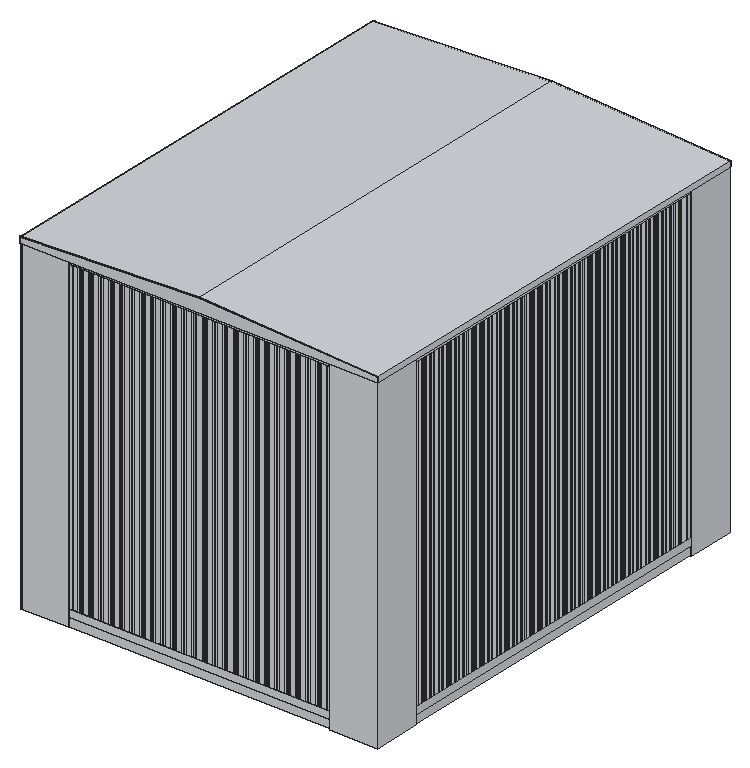
Revit family "PVV-10", category Mechanical Equipment, Revit 2015
Parameters
  URL = "https://unitedenertech.com/catalog/pdf/B_6%20PVV-10.pdf"
  Type Comments = "Louvers will split to Multi Section Assemblies if Max. Sizes are Exceeded. See VV-10 Submittal for Max. Size Listings."
  Model = "PVV-10"
  Manufacturer = "United Enertech Corporation"
  Louver B Width [instance] = B + 0' 3"  # 4' - 3"
  Louver A Width [instance] = A + 0' 3"  # 3' - 3"
  Keynote = "Max. Preassembled Size is 72\"w x 220\"l x 80\"h"
  Height = 4' - 0"
  Description = "High Performance Penthouse 6\""
  B Side O.D. [instance] = B + 1' 3 69/128"  # 5' - 3 69/128"
  B Roof O.D. [instance] = B + 1' 3 101/128"  # 5' - 3 101/128"
  B = 4' - 0"
  A Side O.D. [instance] = A + 1' 3 69/128"  # 4' - 3 69/128"
  A Roof O.D. [instance] = A + 1' 3 101/128"  # 4' - 3 101/128"
  A = 3' - 0"
Reference planes (in)
  plane 1 "Center (Front/Back)": y = 0
  plane 2: z = 0
  plane 3 "Center (Left/Right)": x = 0
  plane 4: y = 24
  plane 5: y = -24
  plane 6: x = -18
  plane 7: x = 18
  plane 8: x = -25.76953
  plane 9: x = 25.76953
  plane 10: y = 31.76953
  plane 11: y = -31.76953
  plane 12: z = 48
Forms (in)
  Extrusion 1, solid
    sketch origin (33.9625, 19.9659, -15.11453) x (1, 0, 0) y (0, 1, 0)
      loop
        line (-59.82203, 4.97273) -> (-59.73203, 4.97273) -> (-59.73203, 11.80363) -> (-52.90113, 11.80363) -> (-52.90113, 11.89363) -> (-59.82203, 11.89363) -> (-59.82203, 4.97273)
    from 15.11453 to 63.11453
  Extrusion 2, solid
    sketch origin (-33.9625, 19.9659, -15.11453) x (-1, 0, 0) y (0, -1, 0)
      loop
        line (-59.82203, -4.97273) -> (-59.82203, -11.89363) -> (-52.90113, -11.89363) -> (-52.90113, -11.80363) -> (-59.73203, -11.80363) -> (-59.73203, -4.97273) -> (-59.82203, -4.97273)
    from 15.11453 to 63.11453
  Extrusion 3, solid
    sketch origin (33.9625, -19.9659, -15.11453) x (1, 0, 0) y (0, 1, 0)
      loop
        line (-59.82203, -4.97273) -> (-59.82203, -11.89363) -> (-52.90113, -11.89363) -> (-52.90113, -11.80363) -> (-59.73203, -11.80363) -> (-59.73203, -4.97273) -> (-59.82203, -4.97273)
    from 15.11453 to 63.11453
  Extrusion 4, solid
    sketch origin (-33.9625, -19.9659, -15.11453) x (-1, 0, 0) y (0, -1, 0)
      loop
        line (-59.82203, 4.97273) -> (-59.73203, 4.97273) -> (-59.73203, 11.80363) -> (-52.90113, 11.80363) -> (-52.90113, 11.89363) -> (-59.82203, 11.89363) -> (-59.82203, 4.97273)
    from 15.11453 to 63.11453
Dimensions and locks (in)
  equal spacing: plane 4, plane 1 "Center (Front/Back)", plane 5
  "B": plane 4 to plane 5
  equal spacing: plane 6, plane 3 "Center (Left/Right)", plane 7
  "A": plane 6 to plane 7
  equal spacing: plane 10, plane 1 "Center (Front/Back)", plane 11
  "B Side O.D.": plane 10 to plane 11
  equal spacing: plane 8, plane 3 "Center (Left/Right)", plane 9
  "A Side O.D.": plane 8 to plane 9
  "Height": plane 12 to level
  aligned and locked: level to plane 2
  aligned and locked: plane 3 "Center (Left/Right)" to nested 2
  aligned and locked: plane 4 to nested 2
  aligned and locked: nested 1 to plane 1 "Center (Front/Back)"
  aligned and locked: plane 6 to nested 1
  aligned and locked: nested 3 to plane 7
  aligned and locked: nested 1 to level
  aligned and locked: level to nested 3
  aligned and locked: nested 2 to level  (x3)
  aligned and locked: level to nested 4
  aligned and locked: plane 5 to nested 4
  aligned and locked: plane 12 to nested 5
  aligned and locked: plane 1 "Center (Front/Back)" to nested 5
  aligned and locked: plane 3 "Center (Left/Right)" to nested 5
  aligned and locked: Extrusion 1 to plane 10
  aligned and locked: Extrusion 1 to plane 8
  aligned and locked: plane 9 to Extrusion 2
  aligned and locked: Extrusion 2 to plane 10
  aligned and locked: plane 9 to Extrusion 4
  aligned and locked: plane 11 to Extrusion 4
  aligned and locked: plane 11 to Extrusion 3
  aligned and locked: Extrusion 3 to plane 8
  aligned and locked: Extrusion 3 to level
  aligned and locked: Extrusion 1 to level
  aligned and locked: Extrusion 4 to level
  aligned and locked: Extrusion 2 to level
  aligned and locked: plane 12 to Extrusion 4
  aligned and locked: plane 12 to Extrusion 2
  aligned and locked: plane 12 to Extrusion 3
  aligned and locked: plane 12 to Extrusion 1
  aligned and locked: nested 6 to plane 1 "Center (Front/Back)"
  aligned and locked: plane 1 "Center (Front/Back)" to nested 8
  aligned and locked: nested 9 to plane 3 "Center (Left/Right)"
  aligned and locked: plane 3 "Center (Left/Right)" to nested 7
  aligned and locked: nested 7 to plane 10
  aligned and locked: nested 6 to plane 8
  aligned and locked: plane 11 to nested 9
  aligned and locked: plane 9 to nested 8
Automatic sketch dimensions
  Extrusion 1 sketch curve to plane 8 = 0' - 0"
  Extrusion 1 sketch curve to plane 10 = 0' - 0"
  plane 8 to Extrusion 1 sketch curve = 0' - 0.09"
  plane 6 to Extrusion 1 sketch curve = 0' - 0.93863"
  plane 4 to Extrusion 1 sketch curve = 0' - 0.93863"
  plane 10 to Extrusion 1 sketch curve = 0' - 0.09"
  Extrusion 2 sketch curve to plane 9 = 0' - 0"
  Extrusion 2 sketch curve to plane 10 = 0' - 0"
  Extrusion 2 sketch curve to plane 9 = 0' - 0.09"
  plane 7 to Extrusion 2 sketch curve = 0' - 0.93863"
  Extrusion 2 sketch curve to Extrusion 2 sketch curve = 0' - 0.09"
  plane 4 to Extrusion 2 sketch curve = 0' - 0.93863"
  Extrusion 3 sketch curve to plane 8 = 0' - 0"
  Extrusion 3 sketch curve to plane 11 = 0' - 0"
  plane 8 to Extrusion 3 sketch curve = 0' - 0.09"
  plane 6 to Extrusion 3 sketch curve = 0' - 0.93863"
  Extrusion 3 sketch curve to Extrusion 3 sketch curve = 0' - 0.09"
  Extrusion 3 sketch curve to plane 5 = 0' - 0.93863"
  Extrusion 4 sketch curve to plane 9 = 0' - 0"
  Extrusion 4 sketch curve to plane 11 = 0' - 0"
  Extrusion 4 sketch curve to plane 9 = 0' - 0.09"
  plane 7 to Extrusion 4 sketch curve = 0' - 0.93863"
  Extrusion 4 sketch curve to plane 5 = 0' - 0.93863"
  Extrusion 4 sketch curve to plane 11 = 0' - 0.09"
Nested families (in)
  nested 1: "Curb Cap Side 2" at (-22.875, 0, -18.1046) x (0, 1, 0) z (0, 0, 1), type "Curb Cap Side 2"
  nested 2: "Curb Cap" at (0, 28.875, -18.1046), type "Curb Cap"
  nested 3: "Curb Cap Side 2" at (22.875, 0, -18.1046) x (0, 1, 0) z (0, 0, 1), type "Curb Cap Side 2"
  nested 4: "Curb Cap" at (0, -28.875, -18.1046), type "Curb Cap"
  nested 5: "Roof" at (0, 0, 47.5), type "Roof"
  nested 6: "VV-10" at (-19.68853, 0, 0) x (0, 1, 0) z (0, 0, 1), type "VV-10"
    with Jamb Height 3' - 11 3/4", Blade Number 33, BH 3' - 10 7/8"
  nested 7: "VV-10 2" at (0, 25.68853, 0), type "VV-10 2"
    with Jamb Height 3' - 11 3/4", Blade Number 25, BH 3' - 10 7/8"
  nested 8: "VV-10" at (19.68853, 0, 0) x (0, -1, 0) z (0, 0, 1), type "VV-10"
    with Jamb Height 3' - 11 3/4", Blade Number 33, BH 3' - 10 7/8"
  nested 9: "VV-10 2" at (0, -25.68853, 0) x (-1, 0, 0) z (0, 0, 1), type "VV-10 2"
    with Jamb Height 3' - 11 3/4", Blade Number 25, BH 3' - 10 7/8"
Definition of nested family "Curb Cap Side 2"
  Parameters (values of type "Curb Cap Side 2")
    Width = 5' - 0"
    C = 1' - 6"
  Reference planes (in)
    plane 1 "Center (Front/Back)": y = 0
    plane 2: z = 0
    plane 3 "Center (Left/Right)": x = 0
    plane 4: x = -30
    plane 5: x = 30
    plane 6: x = 33
    plane 7: x = -33
  Forms (in)
    Extrusion 1, solid
      sketch origin (0, -0.3745, -0.23056) x (0, 1, 0) y (0, 0, 1)
        loop
          line (-4.5005, 18.44062) -> (-4.5005, 21.44062) -> (-4.6051, 21.44062) -> (-4.6051, 18.33516) -> (-2.35597, 18.33516) -> (-2.35597, 16.33516) -> (-2.2505, 16.33516) -> (-2.2505, 18.44062) -> (-4.5005, 18.44062)
      from -33 to 33
    Extrusion 2, void
      sketch origin (0, -4.875, 0) x (1, 0, 0) y (0, 1, 0)
        loop
          line (-33, 3) -> (-33, -10.08148) -> (-19.91852, -10.08148) -> (-33, 3)
      from 0 to 87.42667
    Extrusion 3, void
      sketch origin (0, -4.875, 0) x (-1, 0, 0) y (0, -1, 0)
        loop
          line (-33, -3) -> (-19.91852, 10.08148) -> (-33, 10.08148) -> (-33, -3)
      from 0 to 87.42667
  Cuts and joins
    Extrusion 2, Extrusion 3 cuts Extrusion 1
  Dimensions and locks (in)
    equal spacing: plane 4, plane 3 "Center (Left/Right)", plane 5
    "Width": plane 4 to plane 5
    locked: plane 5 to plane 6 at 3
    locked: plane 7 to plane 4 at 3
    angle Extrusion 2 sketch curve to Extrusion 2 sketch curve = 45.00°
    angle Extrusion 3 sketch curve to Extrusion 3 sketch curve = 45.00°
    aligned and locked: level to plane 2
    aligned and locked: plane 7 to Extrusion 2 sketch curve
    aligned and locked: Extrusion 3 sketch curve to plane 6
    aligned and locked: cut or joined group of Extrusion 1, Extrusion 2, Extrusion 3 to plane 7
    aligned and locked: cut or joined group of Extrusion 1, Extrusion 2, Extrusion 3 to plane 6
  Automatic sketch dimensions
    plane 4 to Extrusion 2 sketch curve = 0' - 10.08148"
    plane 1 "Center (Front/Back)" to Extrusion 2 sketch curve = 1' - 2.95648"
    plane 5 to Extrusion 3 sketch curve = 0' - 10.08148"
    Extrusion 3 sketch curve to plane 1 "Center (Front/Back)" = 1' - 2.95648"
    plane 1 "Center (Front/Back)" to Extrusion 1 sketch curve = 0' - 4.9796"
    Extrusion 1 sketch curve to Extrusion 1 sketch curve = 0' - 0.1046"
    Extrusion 1 sketch curve to Extrusion 1 sketch curve = 0' - 2 37/256"
    Extrusion 1 sketch curve to Extrusion 1 sketch curve = 0' - 0 27/256"  (x2)
    level to Extrusion 1 sketch curve = 1' - 6.1046"
    Extrusion 1 sketch curve to Extrusion 1 sketch curve = 0' - 3"
    Extrusion 1 sketch curve to Extrusion 1 sketch curve = 0' - 2"
Definition of nested family "Curb Cap"
  Parameters (values of type "Curb Cap")
    Width = 3' - 0"
    C = 1' - 6"
  Reference planes (in)
    plane 1 "Center (Front/Back)": y = 0
    plane 2: z = 0
    plane 3 "Center (Left/Right)": x = 0
    plane 4: x = -18
    plane 5: x = 18
    plane 6: x = 21
    plane 7: x = -21
  Forms (in)
    Extrusion 1, solid
      sketch origin (0, -0.3745, -0.23056) x (0, 1, 0) y (0, 0, 1)
        loop
          line (-4.5005, 18.44062) -> (-4.5005, 21.44062) -> (-4.6051, 21.44062) -> (-4.6051, 18.33516) -> (-2.35597, 18.33516) -> (-2.35597, 16.33516) -> (-2.2505, 16.33516) -> (-2.2505, 18.44062) -> (-4.5005, 18.44062)
      from -21 to 21
    Extrusion 2, void
      sketch origin (0, -4.875, 0) x (1, 0, 0) y (0, 1, 0)
        loop
          line (-21, 3) -> (-21, -10.08148) -> (-7.91852, -10.08148) -> (-21, 3)
      from 0 to 87.42667
    Extrusion 3, void
      sketch origin (0, -4.875, 0) x (-1, 0, 0) y (0, -1, 0)
        loop
          line (-21, -3) -> (-7.91852, 10.08148) -> (-21, 10.08148) -> (-21, -3)
      from 0 to 87.42667
  Cuts and joins
    Extrusion 2, Extrusion 3 cuts Extrusion 1
  Dimensions and locks (in)
    equal spacing: plane 4, plane 3 "Center (Left/Right)", plane 5
    "Width": plane 4 to plane 5
    locked: plane 5 to plane 6 at 3
    locked: plane 7 to plane 4 at 3
    angle Extrusion 2 sketch curve to Extrusion 2 sketch curve = 45.00°
    angle Extrusion 3 sketch curve to Extrusion 3 sketch curve = 45.00°
    aligned and locked: level to plane 2
    aligned and locked: plane 7 to Extrusion 2 sketch curve
    aligned and locked: Extrusion 3 sketch curve to plane 6
    aligned and locked: cut or joined group of Extrusion 1, Extrusion 2, Extrusion 3 to plane 7
    aligned and locked: cut or joined group of Extrusion 1, Extrusion 2, Extrusion 3 to plane 6
  Automatic sketch dimensions
    plane 4 to Extrusion 2 sketch curve = 0' - 10.08148"
    plane 1 "Center (Front/Back)" to Extrusion 2 sketch curve = 1' - 2.95648"
    plane 5 to Extrusion 3 sketch curve = 0' - 10.08148"
    Extrusion 3 sketch curve to plane 1 "Center (Front/Back)" = 1' - 2.95648"
    plane 1 "Center (Front/Back)" to Extrusion 1 sketch curve = 0' - 4.9796"
    Extrusion 1 sketch curve to Extrusion 1 sketch curve = 0' - 0.1046"
    Extrusion 1 sketch curve to Extrusion 1 sketch curve = 0' - 2 37/256"
    Extrusion 1 sketch curve to Extrusion 1 sketch curve = 0' - 0 27/256"  (x2)
    level to Extrusion 1 sketch curve = 1' - 6.1046"
    Extrusion 1 sketch curve to Extrusion 1 sketch curve = 0' - 3"
    Extrusion 1 sketch curve to Extrusion 1 sketch curve = 0' - 2"
Definition of nested family "Roof"
  Parameters (values of type "Roof")
    B = 6' - 3 101/128"
    A = 4' - 3 101/128"
  Reference planes (in)
    plane 1 "Center (Front/Back)": y = 0
    plane 2: z = 0
    plane 3 "Center (Left/Right)": x = 0
    plane 4: x = -25.89453
    plane 5: x = 25.89453
    plane 6: y = -37.89453
    plane 7: y = 37.89453
    plane 8: z = 0.5
    plane 9: z = 2
    plane 10: y = -37.94453
    plane 11: y = 37.94453
    plane 12: x = -25.94453
    plane 13: x = 25.94453
  Forms (in)
    Extrusion 1, solid
      sketch origin (0, 0, 0) x (-1, 0, 0) y (0, 0, -1)
        loop
          line (25.89453, 0) -> (25.89453, -0.75115) -> (0, -1.94916) -> (-25.89453, -0.75115) -> (-25.89453, 0) -> (-25.94531, 0) -> (-25.94531, -0.79946) -> (0, -2) -> (25.94531, -0.79946) -> (25.94531, 0) -> (25.89453, 0)
      from -37.94453 to 37.94453
    Extrusion 2, solid
      sketch origin (0, 0, 0) x (1, 0, 0) y (0, 0, 1)
        loop
          line (25.89453, 0) -> (25.94531, 0) -> (25.94531, 0.79946) -> (0, 2) -> (-25.94531, 0.79946) -> (-25.94531, 0) -> (-25.89453, 0) -> (25.89453, 0)
      from -37.94453 to -37.89453
    Extrusion 3, solid
      sketch origin (0, 0, 0) x (1, 0, 0) y (0, 0, -1)
        loop
          line (25.89453, 0) -> (-25.89453, 0) -> (-25.94531, 0) -> (-25.94531, -0.79946) -> (0, -2) -> (25.94531, -0.79946) -> (25.94531, 0) -> (25.89453, 0)
      from -37.89453 to -37.94453
  Dimensions and locks (in)
    equal spacing: plane 4, plane 3 "Center (Left/Right)", plane 5
    "A": plane 4 to plane 5
    equal spacing: plane 7, plane 1 "Center (Front/Back)", plane 6
    "B": plane 7 to plane 6
    locked: plane 8 to level at 0.5
    locked: plane 9 to plane 8 at 1.5
    locked: plane 10 to plane 6 at 0.05
    locked: plane 11 to plane 7 at 0.05
    locked: plane 12 to plane 4 at 0.05
    locked: plane 5 to plane 13 at 0.05
    aligned and locked: level to plane 2
    aligned and locked: plane 10 to Extrusion 1
    aligned and locked: plane 11 to Extrusion 1
    aligned and locked: plane 11 to Extrusion 2
    aligned and locked: Extrusion 2 to plane 7
    aligned and locked: plane 10 to Extrusion 3
    aligned and locked: plane 6 to Extrusion 3
  Automatic sketch dimensions
    Extrusion 1 sketch curve to level = 0' - 0"  (x2)
    Extrusion 1 sketch curve to plane 5 = 0' - 0"
    Extrusion 1 sketch curve to plane 3 "Center (Left/Right)" = 0' - 0"  (x2)
    Extrusion 1 sketch curve to plane 4 = 0' - 0"
    Extrusion 1 sketch curve to plane 9 = 0' - 0"
    Extrusion 1 sketch curve to plane 13 = 0' - 0.00078"
    Extrusion 1 sketch curve to plane 12 = 0' - 0.00078"
    Extrusion 1 sketch curve to Extrusion 1 sketch curve = 0' - 0.05084"
    plane 8 to Extrusion 1 sketch curve = 0' - 0.29946"  (x2)
    Extrusion 1 sketch curve to Extrusion 1 sketch curve = 0' - 0.04831"  (x2)
    Extrusion 2 sketch curve to level = 0' - 0"
    Extrusion 2 sketch curve to plane 4 = 0' - 0"
    Extrusion 2 sketch curve to plane 3 "Center (Left/Right)" = 0' - 0"
    Extrusion 2 sketch curve to plane 5 = 0' - 0"
    Extrusion 2 sketch curve to plane 9 = 0' - 0"
    Extrusion 2 sketch curve to plane 12 = 0' - 0.00078"
    Extrusion 2 sketch curve to plane 13 = 0' - 0.00078"
    plane 8 to Extrusion 2 sketch curve = 0' - 0.29946"  (x2)
    Extrusion 3 sketch curve to level = 0' - 0"
    Extrusion 3 sketch curve to plane 4 = 0' - 0"
    Extrusion 3 sketch curve to plane 3 "Center (Left/Right)" = 0' - 0"
    Extrusion 3 sketch curve to plane 5 = 0' - 0"
    Extrusion 3 sketch curve to plane 9 = 0' - 0"
    Extrusion 3 sketch curve to plane 12 = 0' - 0.00078"
    Extrusion 3 sketch curve to plane 13 = 0' - 0.00078"
    plane 8 to Extrusion 3 sketch curve = 0' - 0.29946"  (x2)
Definition of nested family "VV-10"
  Parameters (values of type "VV-10")
    URL = "http://unitedenertech.com/catalog/pdf/A_20%20VV-10.pdf"
    Type Comments = "Max. Single Section Size is (60\"w x 96\"h)"
    Model = "VV-10"
    Manufacturer = "United Enertech Corporation"
    Jamb Height [instance] = Exact Height - 0' 0 1/4"  # 2' - 11 3/4"
    Exact Width = 4' - 0"
    Exact Height = 3' - 0"
    Description = "6\" Wind Driven Rain Fixed Louver"
    Depth = 0' - 6.081"
    Blade Spacing = 0' - 1 1/2"
    Blade Number [instance] = rounddown((Exact Width - 0' 0 1/4") / 0' 1 1/2")  # 31
    BH [instance] = Exact Height - 0' 1 1/8"  # 2' - 10 7/8"
  Reference planes (in)
    plane 1 "Center (Front/Back)": y = 0
    plane 2: z = 0
    plane 3 "Center (Left/Right)": x = 0
    plane 4: x = -24
    plane 5: x = 24
    plane 6: z = 36
    plane 7: x = -23.875
    plane 8: x = 23.875
    plane 9: z = 35.875
    plane 10: z = 1
    plane 11: y = 6.081
  Forms (in)
    Extrusion 1, solid
      sketch origin (-38.15621, -39.76281, 63.34755) x (0, -1, 0) y (0, 0, -1)
        loop
          line (-45.68181, 28.34755) -> (-45.76281, 28.34755) -> (-45.76281, 27.34755) -> (-44.76281, 27.34755) -> (-44.73106, 27.28505) -> (-44.54456, 27.28505) -> (-44.51281, 27.34755) -> (-41.01281, 27.34755) -> (-40.98106, 27.28505) -> (-40.79456, 27.28505) -> (-40.76281, 27.34755) -> (-39.76281, 27.34755) -> (-39.76281, 28.34755) -> (-39.84381, 28.34755) -> (-39.84381, 27.47255) -> (-45.68181, 27.47255) -> (-45.68181, 28.34755)
      from 14.28121 to 62.03121
    Extrusion 2, solid
      sketch origin (-45.5627, -48.5222, -21.06226) x (0, -1, 0) y (0, 0, 1)
        loop
          line (-54.5222, 23.31226) -> (-54.6032, 23.31226) -> (-54.6032, 22.31226) -> (-54.5222, 22.31226) -> (-54.5222, 21.06226) -> (-53.5222, 21.06226) -> (-53.49045, 20.99976) -> (-53.3972, 20.99976) -> (-53.30395, 20.99976) -> (-53.2722, 21.06226) -> (-49.7722, 21.06226) -> (-49.74045, 20.99976) -> (-49.6472, 20.99976) -> (-49.55395, 20.99976) -> (-49.5222, 21.06226) -> (-48.5222, 21.06226) -> (-48.5222, 22.93726) -> (-48.6032, 22.93726) -> (-48.6032, 22.06226) -> (-49.2282, 22.06226) -> (-49.2282, 21.98126) -> (-48.6032, 21.98126) -> (-48.6032, 21.18726) -> (-54.4412, 21.18726) -> (-54.4412, 21.98126) -> (-53.8162, 21.98126) -> (-53.8162, 22.06226) -> (-54.4412, 22.06226) -> (-54.4412, 22.31226) -> (-54.4412, 22.39326) -> (-54.5222, 22.39326) -> (-54.5222, 23.31226)
      from -69.4377 to -21.6877
  Dimensions and locks (in)
    equal spacing: plane 4, plane 3 "Center (Left/Right)", plane 5
    "Exact Width": plane 4 to plane 5
    "Exact Height": plane 6 to level
    locked: plane 4 to plane 7 at 0.125
    locked: plane 8 to plane 5 at 0.125
    locked: plane 6 to plane 9 at 0.125
    locked: plane 10 to level at 1
    "Depth": plane 1 "Center (Front/Back)" to plane 11
    equal spacing: group 1, group 2, group 3, group 4, group 5, group 6, group 7, group 8, group 9, group 10, group 11, group 12, group 13, group 14, group 15, group 16, group 17, group 18, group 19, group 20, group 21, group 22, group 23, group 24, group 25, group 26, group 27, group 28, group 29, group 30, group 31  (x3)
    "Blade Spacing": nested 3 to nested 4
    aligned and locked: level to plane 2
    aligned and locked: plane 5 to nested 1
    aligned and locked: nested 2 to plane 4
    aligned and locked: plane 9 to nested 1
    aligned and locked: nested 2 to plane 9
    aligned and locked: plane 6 to Extrusion 1
    aligned and locked: plane 8 to Extrusion 1
    aligned and locked: Extrusion 1 to plane 7
    aligned and locked: plane 8 to Extrusion 2
    aligned and locked: Extrusion 2 to plane 7
    aligned and locked: plane 7 to nested 3
    aligned and locked: plane 10 to nested 3
  Automatic sketch dimensions
    Extrusion 1 sketch curve to plane 1 "Center (Front/Back)" = 0' - 6"
    Extrusion 1 sketch curve to Extrusion 1 sketch curve = 0' - 0.081"  (x2)
    Extrusion 1 sketch curve to Extrusion 1 sketch curve = 0' - 0.919"  (x2)
    Extrusion 1 sketch curve to Extrusion 1 sketch curve = 0' - 0.03175"  (x4)
    Extrusion 1 sketch curve to Extrusion 1 sketch curve = 0' - 0.1865"  (x2)
    Extrusion 1 sketch curve to Extrusion 1 sketch curve = 0' - 3 1/2"
    level to Extrusion 1 sketch curve = 3' - 0 1/16"
    Extrusion 1 sketch curve to Extrusion 1 sketch curve = 0' - 0"
    Extrusion 1 sketch curve to Extrusion 1 sketch curve = 0' - 0 1/16"  (x3)
    Extrusion 1 sketch curve to Extrusion 1 sketch curve = 0' - 0 1/8"
    Extrusion 1 sketch curve to Extrusion 1 sketch curve = 0' - 0 7/8"  (x2)
    level to Extrusion 2 sketch curve = 0' - 2 1/4"
    Extrusion 2 sketch curve to plane 1 "Center (Front/Back)" = 0' - 6.081"
    Extrusion 2 sketch curve to Extrusion 2 sketch curve = 0' - 0.081"  (x7)
    Extrusion 2 sketch curve to Extrusion 2 sketch curve = 0' - 0"  (x3)
    Extrusion 2 sketch curve to Extrusion 2 sketch curve = 0' - 0 5/8"  (x2)
    Extrusion 2 sketch curve to Extrusion 2 sketch curve = 0' - 0.919"
    Extrusion 2 sketch curve to level = 0' - 0 1/16"  (x2)
    Extrusion 2 sketch curve to Extrusion 2 sketch curve = 0' - 0.03175"  (x4)
    Extrusion 2 sketch curve to Extrusion 2 sketch curve = 0' - 0.09325"  (x4)
    level to Extrusion 2 sketch curve = 0' - 0"  (x2)
    Extrusion 2 sketch curve to Extrusion 2 sketch curve = 0' - 3 1/2"
    Extrusion 2 sketch curve to Extrusion 2 sketch curve = 0' - 0.294"
    Extrusion 2 sketch curve to Extrusion 2 sketch curve = 0' - 0 1/16"
    Extrusion 2 sketch curve to Extrusion 2 sketch curve = 0' - 0 1/8"
    Extrusion 2 sketch curve to Extrusion 2 sketch curve = 0' - 0.794"  (x2)
    Extrusion 2 sketch curve to Extrusion 2 sketch curve = 0' - 0 1/4"
    Extrusion 2 sketch curve to Extrusion 2 sketch curve = 0' - 0 7/8"
  Nested families (in)
    nested 1: "VV Jamb" at (26.26202, -3.75865, 18) x (0, 1, 0) z (0, 0, 1), type "VV Jamb"
    nested 2: "VV Jamb" at (-26.26202, -3.75865, 18) x (0, 1, 0) z (0, 0, 1), type "VV Jamb"
    nested 3: "VV Blade" at (-22.89999, 3.19796, 1) x (0, -1, 0) z (0, 0, 1), type "VV Blade"
    nested 4: "VV Blade" at (-21.39999, 3.19796, 1) x (0, -1, 0) z (0, 0, 1), type "VV Blade"
    nested 5: "VV Blade" at (-19.89999, 3.19796, 1) x (0, -1, 0) z (0, 0, 1), type "VV Blade"
    nested 6: "VV Blade" at (-18.39999, 3.19796, 1) x (0, -1, 0) z (0, 0, 1), type "VV Blade"
    nested 7: "VV Blade" at (-16.89999, 3.19796, 1) x (0, -1, 0) z (0, 0, 1), type "VV Blade"
    nested 8: "VV Blade" at (-15.39999, 3.19796, 1) x (0, -1, 0) z (0, 0, 1), type "VV Blade"
    nested 9: "VV Blade" at (-13.89999, 3.19796, 1) x (0, -1, 0) z (0, 0, 1), type "VV Blade"
    nested 10: "VV Blade" at (-12.39999, 3.19796, 1) x (0, -1, 0) z (0, 0, 1), type "VV Blade"
    nested 11: "VV Blade" at (-10.89999, 3.19796, 1) x (0, -1, 0) z (0, 0, 1), type "VV Blade"
    nested 12: "VV Blade" at (-9.39999, 3.19796, 1) x (0, -1, 0) z (0, 0, 1), type "VV Blade"
    nested 13: "VV Blade" at (-7.89999, 3.19796, 1) x (0, -1, 0) z (0, 0, 1), type "VV Blade"
    nested 14: "VV Blade" at (-6.39999, 3.19796, 1) x (0, -1, 0) z (0, 0, 1), type "VV Blade"
    nested 15: "VV Blade" at (-4.89999, 3.19796, 1) x (0, -1, 0) z (0, 0, 1), type "VV Blade"
    nested 16: "VV Blade" at (-3.39999, 3.19796, 1) x (0, -1, 0) z (0, 0, 1), type "VV Blade"
    nested 17: "VV Blade" at (-1.89999, 3.19796, 1) x (0, -1, 0) z (0, 0, 1), type "VV Blade"
    nested 18: "VV Blade" at (-0.39999, 3.19796, 1) x (0, -1, 0) z (0, 0, 1), type "VV Blade"
    nested 19: "VV Blade" at (1.10001, 3.19796, 1) x (0, -1, 0) z (0, 0, 1), type "VV Blade"
    nested 20: "VV Blade" at (2.60001, 3.19796, 1) x (0, -1, 0) z (0, 0, 1), type "VV Blade"
    nested 21: "VV Blade" at (4.10001, 3.19796, 1) x (0, -1, 0) z (0, 0, 1), type "VV Blade"
    nested 22: "VV Blade" at (5.60001, 3.19796, 1) x (0, -1, 0) z (0, 0, 1), type "VV Blade"
    nested 23: "VV Blade" at (7.10001, 3.19796, 1) x (0, -1, 0) z (0, 0, 1), type "VV Blade"
    nested 24: "VV Blade" at (8.60001, 3.19796, 1) x (0, -1, 0) z (0, 0, 1), type "VV Blade"
    nested 25: "VV Blade" at (10.10001, 3.19796, 1) x (0, -1, 0) z (0, 0, 1), type "VV Blade"
    nested 26: "VV Blade" at (11.60001, 3.19796, 1) x (0, -1, 0) z (0, 0, 1), type "VV Blade"
    nested 27: "VV Blade" at (13.10001, 3.19796, 1) x (0, -1, 0) z (0, 0, 1), type "VV Blade"
    nested 28: "VV Blade" at (14.60001, 3.19796, 1) x (0, -1, 0) z (0, 0, 1), type "VV Blade"
    nested 29: "VV Blade" at (16.10001, 3.19796, 1) x (0, -1, 0) z (0, 0, 1), type "VV Blade"
    nested 30: "VV Blade" at (17.60001, 3.19796, 1) x (0, -1, 0) z (0, 0, 1), type "VV Blade"
    nested 31: "VV Blade" at (19.10001, 3.19796, 1) x (0, -1, 0) z (0, 0, 1), type "VV Blade"
    nested 32: "VV Blade" at (20.60001, 3.19796, 1) x (0, -1, 0) z (0, 0, 1), type "VV Blade"
    nested 33: "VV Blade" at (22.10001, 3.19796, 1) x (0, -1, 0) z (0, 0, 1), type "VV Blade"
  Definition of nested family "VV Jamb"
    Parameters (values of type "VV Jamb")
      Jamb Height = 2' - 6"
    Reference planes (in)
      plane 1 "Center (Front/Back)": y = 0
      plane 2: z = 0
      plane 3 "Center (Left/Right)": x = 0
      plane 4: z = -15
      plane 5: z = 15
    Forms (in)
      Extrusion 1, solid
        sketch origin (0, 1, 0) x (1, 0, 0) y (0, 1, 0)
          loop
            line (4.7904, 1.19952) -> (4.9769, 1.19952) -> (5.00865, 1.26202) -> (8.50865, 1.26202) -> (8.5404, 1.19952) -> (8.7269, 1.19952) -> (8.75865, 1.26202) -> (9.75865, 1.26202) -> (9.75865, 2.26202) -> (9.67765, 2.26202) -> (9.67765, 1.38702) -> (3.83965, 1.38702) -> (3.83965, 2.26202) -> (3.75865, 2.26202) -> (3.75865, 1.26202) -> (4.75865, 1.26202) -> (4.7904, 1.19952)
        from -15 to 15
      Extrusion 2, void
        sketch origin (0, -2.64424, 1.75036) x (0, 1, 0) y (0, 0, 1)
          loop
            line (7.28126, 13.24964) -> (5.03126, 13.24964) -> (5.03126, 12.37464) -> (7.28126, 12.37464) -> (7.28126, 13.24964)
        from 0 to 12
      Extrusion 3, void
        sketch origin (0, -9.14984, -3.60361) x (0, 1, 0) y (0, 0, 1)
          loop
            line (15.03686, -10.52139) -> (11.53686, -10.52139) -> (11.53686, -11.39639) -> (15.03686, -11.39639) -> (15.03686, -10.52139)
        from 0 to 12
      Extrusion 4, void
        sketch origin (0, -2.9931, 2.18503) x (0, 1, 0) y (0, 0, 1)
          loop
            line (5.38012, -16.31003) -> (7.38012, -16.31003) -> (7.38012, -15.43503) -> (5.38012, -15.43503) -> (5.38012, -16.31003)
        from 0 to 5.32374
      Extrusion 5, void
        sketch origin (0, -3.99312, -0.40854) x (0, 1, 0) y (0, 0, 1)
          loop
            line (6.38014, -13.71646) -> (8.13014, -13.71646) -> (8.13014, -13.38446) -> (6.38014, -13.38446) -> (6.38014, -13.71646)
        from 7.76109 to 12.89316
    Cuts and joins
      Extrusion 2, Extrusion 3, Extrusion 4, Extrusion 5 cuts Extrusion 1
    Dimensions and locks (in)
      equal spacing: plane 5, level, plane 4
      "Jamb Height": plane 5 to plane 4
      aligned and locked: level to plane 2
      aligned and locked: plane 5 to Extrusion 1
      aligned and locked: plane 5 to Extrusion 2
      aligned and locked: Extrusion 1 to plane 4
      aligned and locked: Extrusion 3 to plane 4
    Automatic sketch dimensions
      plane 3 "Center (Left/Right)" to Extrusion 1 sketch curve = 0' - 3.75865"
      Extrusion 1 sketch curve to Extrusion 1 sketch curve = 0' - 0.081"  (x2)
      Extrusion 1 sketch curve to plane 1 "Center (Front/Back)" = 0' - 2.26202"  (x2)
      Extrusion 1 sketch curve to Extrusion 1 sketch curve = 0' - 0.919"  (x2)
      Extrusion 1 sketch curve to Extrusion 1 sketch curve = 0' - 0.03175"  (x4)
      Extrusion 1 sketch curve to plane 1 "Center (Front/Back)" = 0' - 2.19952"
      Extrusion 1 sketch curve to Extrusion 1 sketch curve = 0' - 0.1865"  (x2)
      Extrusion 1 sketch curve to Extrusion 1 sketch curve = 0' - 3 1/2"
      Extrusion 1 sketch curve to Extrusion 1 sketch curve = 0' - 0 1/16"  (x2)
      Extrusion 1 sketch curve to Extrusion 1 sketch curve = 0' - 0 1/8"
      Extrusion 1 sketch curve to Extrusion 1 sketch curve = 0' - 0 7/8"  (x2)
      Extrusion 2 sketch curve to plane 5 = 0' - 0"
      Extrusion 2 sketch curve to plane 1 "Center (Front/Back)" = 0' - 2.38702"
      Extrusion 2 sketch curve to Extrusion 2 sketch curve = 0' - 0 7/8"
      Extrusion 2 sketch curve to Extrusion 2 sketch curve = 0' - 2 1/4"
      plane 4 to Extrusion 3 sketch curve = 0' - 0 7/8"
      Extrusion 3 sketch curve to plane 1 "Center (Front/Back)" = 0' - 2.38702"
      Extrusion 3 sketch curve to Extrusion 3 sketch curve = 0' - 0 7/8"
      Extrusion 3 sketch curve to Extrusion 3 sketch curve = 0' - 3 1/2"
      plane 4 to Extrusion 4 sketch curve = 0' - 1 3/4"
      Extrusion 4 sketch curve to plane 1 "Center (Front/Back)" = 0' - 2.38702"
      Extrusion 4 sketch curve to Extrusion 4 sketch curve = 0' - 2"
      Extrusion 4 sketch curve to Extrusion 4 sketch curve = 0' - 0 7/8"
      plane 4 to Extrusion 5 sketch curve = 0' - 1.207"
      Extrusion 5 sketch curve to plane 1 "Center (Front/Back)" = 0' - 2.38702"
      Extrusion 5 sketch curve to Extrusion 5 sketch curve = 0' - 1 3/4"
      Extrusion 5 sketch curve to Extrusion 5 sketch curve = 0' - 0.332"
  Definition of nested family "VV Blade"
    Parameters (values of type "VV Blade")
      Blade Height = 2' - 0"
    Reference planes (in)
      plane 1 "Center (Front/Back)": y = 0
      plane 2: z = 0
      plane 3 "Center (Left/Right)": x = 0
      plane 4: z = 24
    Forms (in)
      Extrusion 1, solid
        sketch origin (-2, 2.75, 0) x (1, 0, 0) y (0, 1, 0)
          loop
            line (-0.6658, -3.71552) -> (-0.6444, -3.79539) -> (-0.38818, -3.7066) -> (-0.15541, -3.61583) -> (0.22682, -3.61583) -> (0.22682, -3.55432) -> (-0.01172, -3.55432) -> (0.36959, -3.37987) -> (0.73032, -3.18489) -> (1.07247, -2.96961) -> (1.15262, -2.96961) -> (1.24112, -2.90338) -> (1.35506, -2.8152) -> (1.46963, -2.72429) -> (1.57961, -2.62786) -> (1.68394, -2.54303) -> (1.80931, -2.48058) -> (1.94445, -2.43151) -> (2.08348, -2.39747) -> (2.22543, -2.37911) -> (2.36855, -2.37664) -> (2.51105, -2.39011) -> (2.65117, -2.41933) -> (2.78717, -2.46396) -> (2.91765, -2.52359) -> (3.06104, -2.62981) -> (3.09361, -2.59128) -> (3.26259, -2.74267) -> (3.46746, -2.94333) -> (3.66339, -3.15537) -> (3.88686, -3.39241) -> (4.06355, -3.51843) -> (4.25193, -3.60929) -> (4.46051, -3.66912) -> (4.6796, -3.69177) -> (5.07173, -3.69177) -> (5.07173, -3.60941) -> (4.8953, -3.60941) -> (4.63979, -3.60941) -> (4.47846, -3.59009) -> (4.29004, -3.53711) -> (4.10027, -3.44603) -> (3.93817, -3.32971) -> (3.69867, -3.073) -> (3.44655, -2.80711) -> (3.24961, -2.62085) -> (3.0599, -2.4568) -> (2.86171, -2.35223) -> (2.63488, -2.27984) -> (2.43421, -2.24888) -> (2.2246, -2.24888) -> (2.01729, -2.27671) -> (1.82141, -2.33449) -> (1.85165, -2.20983) -> (1.90896, -2.09762) -> (1.97967, -2.01201) -> (2.08706, -1.92977) -> (2.2019, -1.87937) -> (2.32604, -1.85656) -> (2.45233, -1.863) -> (2.57227, -1.8978) -> (2.71457, -1.97996) -> (2.75779, -1.90511) -> (2.67741, -1.86001) -> (2.60066, -1.8219) -> (2.46948, -1.78377) -> (2.38874, -1.77499) -> (2.33982, -1.77499) -> (2.24064, -1.78622) -> (2.10665, -1.82877) -> (1.98876, -1.89779) -> (1.89779, -1.98044) -> (1.81281, -2.10024) -> (1.76453, -2.21447) -> (1.72519, -2.31456) -> (1.60698, -2.42696) -> (1.41917, -2.59322) -> (1.1258, -2.82607) -> (0.75843, -3.07765) -> (0.43345, -3.26801) -> (0.16837, -3.40331) -> (-0.06927, -3.51057) -> (0.09272, -3.23752) -> (0.03902, -3.20651) -> (0.00347, -3.26388) -> (-0.15541, -3.52805) -> (-0.6658, -3.71552)
        from 0 to 24
    Dimensions and locks (in)
      "Blade Height": plane 4 to level
      aligned and locked: level to plane 2
      aligned and locked: plane 4 to Extrusion 1
    Automatic sketch dimensions
      plane 1 "Center (Front/Back)" to Extrusion 1 sketch curve = 0' - 0.96552"
      Extrusion 1 sketch curve to plane 3 "Center (Left/Right)" = 0' - 2.6658"
      plane 1 "Center (Front/Back)" to Extrusion 1 sketch curve = 0' - 1.04539"
      Extrusion 1 sketch curve to Extrusion 1 sketch curve = 0' - 0.0214"
      plane 1 "Center (Front/Back)" to Extrusion 1 sketch curve = 0' - 0.9566"
      Extrusion 1 sketch curve to Extrusion 1 sketch curve = 0' - 0.25622"
      plane 1 "Center (Front/Back)" to Extrusion 1 sketch curve = 0' - 0.77805"
      Extrusion 1 sketch curve to Extrusion 1 sketch curve = 0' - 0.23278"
      plane 1 "Center (Front/Back)" to Extrusion 1 sketch curve = 0' - 0.86583"
      Extrusion 1 sketch curve to Extrusion 1 sketch curve = 0' - 0"
      plane 1 "Center (Front/Back)" to Extrusion 1 sketch curve = 0' - 0.76057"
      Extrusion 1 sketch curve to Extrusion 1 sketch curve = 0' - 0.08614"
      plane 1 "Center (Front/Back)" to Extrusion 1 sketch curve = 0' - 0.80432"
      Extrusion 1 sketch curve to Extrusion 1 sketch curve = 0' - 0.05755"
      plane 1 "Center (Front/Back)" to Extrusion 1 sketch curve = 0' - 0.51388"
      Extrusion 1 sketch curve to Extrusion 1 sketch curve = 0' - 0.07274"
      plane 1 "Center (Front/Back)" to Extrusion 1 sketch curve = 0' - 0.45651"
      Extrusion 1 sketch curve to Extrusion 1 sketch curve = 0' - 0.03555"
      plane 1 "Center (Front/Back)" to Extrusion 1 sketch curve = 0' - 0.48752"
      Extrusion 1 sketch curve to Extrusion 1 sketch curve = 0' - 0.0537"
      plane 1 "Center (Front/Back)" to Extrusion 1 sketch curve = 0' - 0.65331"
      Extrusion 1 sketch curve to Extrusion 1 sketch curve = 0' - 0.07565"
      Extrusion 1 sketch curve to Extrusion 1 sketch curve = 0' - 0.05845"
      plane 1 "Center (Front/Back)" to Extrusion 1 sketch curve = 0' - 0.62987"
      Extrusion 1 sketch curve to Extrusion 1 sketch curve = 0' - 0.20122"
      plane 1 "Center (Front/Back)" to Extrusion 1 sketch curve = 0' - 0.51801"
      Extrusion 1 sketch curve to Extrusion 1 sketch curve = 0' - 0.06386"
      plane 1 "Center (Front/Back)" to Extrusion 1 sketch curve = 0' - 0.43489"
      Extrusion 1 sketch curve to Extrusion 1 sketch curve = 0' - 0 19/64"
      plane 1 "Center (Front/Back)" to Extrusion 1 sketch curve = 0' - 0.32765"
      Extrusion 1 sketch curve to Extrusion 1 sketch curve = 0' - 0.02812"
      Extrusion 1 sketch curve to Extrusion 1 sketch curve = 0' - 0.31404"
      plane 1 "Center (Front/Back)" to Extrusion 1 sketch curve = 0' - 0.07607"
      Extrusion 1 sketch curve to Extrusion 1 sketch curve = 0' - 0.05333"
      plane 1 "Center (Front/Back)" to Extrusion 1 sketch curve = 0' - 0.21961"
      Extrusion 1 sketch curve to Extrusion 1 sketch curve = 0' - 0.08015"
      plane 1 "Center (Front/Back)" to Extrusion 1 sketch curve = 0' - 0.15338"
      Extrusion 1 sketch curve to Extrusion 1 sketch curve = 0' - 0.08851"
      plane 1 "Center (Front/Back)" to Extrusion 1 sketch curve = 0' - 0.0652"
      Extrusion 1 sketch curve to Extrusion 1 sketch curve = 0' - 0.11393"
      Extrusion 1 sketch curve to plane 1 "Center (Front/Back)" = 0' - 0.15678"
      Extrusion 1 sketch curve to Extrusion 1 sketch curve = 0' - 0.06412"
      Extrusion 1 sketch curve to plane 1 "Center (Front/Back)" = 0' - 0.02571"
      Extrusion 1 sketch curve to Extrusion 1 sketch curve = 0' - 0.05046"
      Extrusion 1 sketch curve to plane 1 "Center (Front/Back)" = 0' - 0.12214"
      Extrusion 1 sketch curve to Extrusion 1 sketch curve = 0' - 0.10997"
      Extrusion 1 sketch curve to Extrusion 1 sketch curve = 0' - 0.02737"
      Extrusion 1 sketch curve to Extrusion 1 sketch curve = 0' - 0.10433"
      Extrusion 1 sketch curve to Extrusion 1 sketch curve = 0' - 0.11821"
      Extrusion 1 sketch curve to Extrusion 1 sketch curve = 0' - 0.03934"
      Extrusion 1 sketch curve to Extrusion 1 sketch curve = 0' - 0.12537"
      Extrusion 1 sketch curve to Extrusion 1 sketch curve = 0' - 0.04828"
      Extrusion 1 sketch curve to Extrusion 1 sketch curve = 0' - 0.09622"
      Extrusion 1 sketch curve to Extrusion 1 sketch curve = 0' - 0.08712"
      Extrusion 1 sketch curve to plane 3 "Center (Left/Right)" = 0' - 0.10221"
      Extrusion 1 sketch curve to plane 3 "Center (Left/Right)" = 0' - 0.09104"
      Extrusion 1 sketch curve to plane 3 "Center (Left/Right)" = 0' - 0.05555"
      Extrusion 1 sketch curve to plane 3 "Center (Left/Right)" = 0' - 0.02033"
      Extrusion 1 sketch curve to plane 3 "Center (Left/Right)" = 0' - 0.01124"
      plane 3 "Center (Left/Right)" to Extrusion 1 sketch curve = 0' - 0.01729"
      plane 3 "Center (Left/Right)" to Extrusion 1 sketch curve = 0' - 0.08348"
      plane 3 "Center (Left/Right)" to Extrusion 1 sketch curve = 0' - 0.08706"
      Extrusion 1 sketch curve to Extrusion 1 sketch curve = 0' - 0.01959"
      Extrusion 1 sketch curve to Extrusion 1 sketch curve = 0' - 0.09526"
      Extrusion 1 sketch curve to Extrusion 1 sketch curve = 0' - 0.14112"
      Extrusion 1 sketch curve to Extrusion 1 sketch curve = 0' - 0.00083"
      Extrusion 1 sketch curve to Extrusion 1 sketch curve = 0' - 0.03873"
      Extrusion 1 sketch curve to Extrusion 1 sketch curve = 0' - 0.0854"
      Extrusion 1 sketch curve to Extrusion 1 sketch curve = 0' - 0.01379"
      Extrusion 1 sketch curve to Extrusion 1 sketch curve = 0' - 0.14311"
      Extrusion 1 sketch curve to Extrusion 1 sketch curve = 0' - 0.04891"
      Extrusion 1 sketch curve to Extrusion 1 sketch curve = 0' - 0.06566"
      Extrusion 1 sketch curve to Extrusion 1 sketch curve = 0' - 0.06359"
      Extrusion 1 sketch curve to Extrusion 1 sketch curve = 0' - 0.01715"
      Extrusion 1 sketch curve to Extrusion 1 sketch curve = 0' - 0.1425"
      Extrusion 1 sketch curve to Extrusion 1 sketch curve = 0' - 0.11993"
      Extrusion 1 sketch curve to Extrusion 1 sketch curve = 0' - 0.02839"
      Extrusion 1 sketch curve to Extrusion 1 sketch curve = 0' - 0.12383"
      Extrusion 1 sketch curve to Extrusion 1 sketch curve = 0' - 0.01629"
      Extrusion 1 sketch curve to Extrusion 1 sketch curve = 0' - 0.07675"
      Extrusion 1 sketch curve to Extrusion 1 sketch curve = 0' - 0.03716"
      Extrusion 1 sketch curve to Extrusion 1 sketch curve = 0' - 0.04322"
      Extrusion 1 sketch curve to plane 1 "Center (Front/Back)" = 0' - 0.28604"
      Extrusion 1 sketch curve to Extrusion 1 sketch curve = 0' - 0.136"
      Extrusion 1 sketch curve to plane 1 "Center (Front/Back)" = 0' - 0.39777"
      Extrusion 1 sketch curve to Extrusion 1 sketch curve = 0' - 0.07455"
      Extrusion 1 sketch curve to plane 1 "Center (Front/Back)" = 0' - 0.22641"
      Extrusion 1 sketch curve to Extrusion 1 sketch curve = 0' - 0.13049"
      Extrusion 1 sketch curve to plane 1 "Center (Front/Back)" = 0' - 0.2932"
      Extrusion 1 sketch curve to Extrusion 1 sketch curve = 0' - 0.14225"
      Extrusion 1 sketch curve to plane 1 "Center (Front/Back)" = 0' - 0.12019"
      Extrusion 1 sketch curve to Extrusion 1 sketch curve = 0' - 0.00114"
      Extrusion 1 sketch curve to plane 1 "Center (Front/Back)" = 0' - 0.15872"
      Extrusion 1 sketch curve to Extrusion 1 sketch curve = 0' - 0.03257"
      Extrusion 1 sketch curve to plane 1 "Center (Front/Back)" = 0' - 0.12915"
      Extrusion 1 sketch curve to Extrusion 1 sketch curve = 0' - 0.15601"
      Extrusion 1 sketch curve to plane 1 "Center (Front/Back)" = 0' - 0.00733"
      Extrusion 1 sketch curve to Extrusion 1 sketch curve = 0' - 0.01298"
      plane 1 "Center (Front/Back)" to Extrusion 1 sketch curve = 0' - 0.05711"
      Extrusion 1 sketch curve to Extrusion 1 sketch curve = 0' - 0.18396"
      plane 1 "Center (Front/Back)" to Extrusion 1 sketch curve = 0' - 0.19333"
      Extrusion 1 sketch curve to Extrusion 1 sketch curve = 0' - 0.02091"
      plane 1 "Center (Front/Back)" to Extrusion 1 sketch curve = 0' - 0.40537"
      Extrusion 1 sketch curve to Extrusion 1 sketch curve = 0' - 0.19593"
      plane 1 "Center (Front/Back)" to Extrusion 1 sketch curve = 0' - 0.323"
      Extrusion 1 sketch curve to Extrusion 1 sketch curve = 0' - 0.03528"
      plane 1 "Center (Front/Back)" to Extrusion 1 sketch curve = 0' - 0.64241"
      Extrusion 1 sketch curve to Extrusion 1 sketch curve = 0' - 0.22347"
      plane 1 "Center (Front/Back)" to Extrusion 1 sketch curve = 0' - 0.57971"
      Extrusion 1 sketch curve to Extrusion 1 sketch curve = 0' - 0.05131"
      plane 1 "Center (Front/Back)" to Extrusion 1 sketch curve = 0' - 0.76843"
      Extrusion 1 sketch curve to Extrusion 1 sketch curve = 0' - 0.1767"
      plane 1 "Center (Front/Back)" to Extrusion 1 sketch curve = 0' - 0.69603"
      Extrusion 1 sketch curve to Extrusion 1 sketch curve = 0' - 0.03671"
      plane 1 "Center (Front/Back)" to Extrusion 1 sketch curve = 0' - 0.85929"
      Extrusion 1 sketch curve to Extrusion 1 sketch curve = 0' - 0.18837"
      plane 1 "Center (Front/Back)" to Extrusion 1 sketch curve = 0' - 0.78711"
      Extrusion 1 sketch curve to Extrusion 1 sketch curve = 0' - 0.03811"
      plane 1 "Center (Front/Back)" to Extrusion 1 sketch curve = 0' - 0.91912"
      Extrusion 1 sketch curve to Extrusion 1 sketch curve = 0' - 0.17047"
      plane 1 "Center (Front/Back)" to Extrusion 1 sketch curve = 0' - 0.84009"
      Extrusion 1 sketch curve to Extrusion 1 sketch curve = 0' - 0.01795"
      plane 1 "Center (Front/Back)" to Extrusion 1 sketch curve = 0' - 0.85941"
      Extrusion 1 sketch curve to Extrusion 1 sketch curve = 0' - 0.16134"
      Extrusion 1 sketch curve to Extrusion 1 sketch curve = 0' - 0.03981"
      Extrusion 1 sketch curve to Extrusion 1 sketch curve = 0' - 0.2157"
      Extrusion 1 sketch curve to Extrusion 1 sketch curve = 0' - 0.17643"
      Extrusion 1 sketch curve to Extrusion 1 sketch curve = 0' - 0.08236"
      Extrusion 1 sketch curve to Extrusion 1 sketch curve = 0' - 0.08483"
      Extrusion 1 sketch curve to Extrusion 1 sketch curve = 0' - 0.06246"
      Extrusion 1 sketch curve to Extrusion 1 sketch curve = 0' - 0.04907"
      Extrusion 1 sketch curve to Extrusion 1 sketch curve = 0' - 0.11608"
      Extrusion 1 sketch curve to Extrusion 1 sketch curve = 0' - 0.04463"
      Extrusion 1 sketch curve to Extrusion 1 sketch curve = 0' - 0.03404"
      Extrusion 1 sketch curve to Extrusion 1 sketch curve = 0' - 0.02923"
      Extrusion 1 sketch curve to Extrusion 1 sketch curve = 0' - 0.01836"
      Extrusion 1 sketch curve to Extrusion 1 sketch curve = 0' - 0.00247"
      Extrusion 1 sketch curve to Extrusion 1 sketch curve = 0' - 0.14609"
      Extrusion 1 sketch curve to Extrusion 1 sketch curve = 0' - 0.01992"
      Extrusion 1 sketch curve to Extrusion 1 sketch curve = 0' - 0.1395"
      Extrusion 1 sketch curve to Extrusion 1 sketch curve = 0' - 0.12076"
      Extrusion 1 sketch curve to Extrusion 1 sketch curve = 0' - 0.12777"
      Extrusion 1 sketch curve to Extrusion 1 sketch curve = 0' - 0.10009"
      Extrusion 1 sketch curve to Extrusion 1 sketch curve = 0' - 0.00464"
      Extrusion 1 sketch curve to Extrusion 1 sketch curve = 0' - 0.1096"
      Extrusion 1 sketch curve to Extrusion 1 sketch curve = 0' - 0.00262"
      Extrusion 1 sketch curve to Extrusion 1 sketch curve = 0' - 0.08561"
      Extrusion 1 sketch curve to Extrusion 1 sketch curve = 0' - 0.03156"
      Extrusion 1 sketch curve to Extrusion 1 sketch curve = 0' - 0.29988"
      Extrusion 1 sketch curve to Extrusion 1 sketch curve = 0' - 0.08224"
      Extrusion 1 sketch curve to Extrusion 1 sketch curve = 0' - 0.07485"
      Extrusion 1 sketch curve to Extrusion 1 sketch curve = 0' - 0.03198"
      Extrusion 1 sketch curve to Extrusion 1 sketch curve = 0' - 0.05039"
      Extrusion 1 sketch curve to Extrusion 1 sketch curve = 0' - 0.0348"
      Extrusion 1 sketch curve to Extrusion 1 sketch curve = 0' - 0.0451"
      Extrusion 1 sketch curve to Extrusion 1 sketch curve = 0' - 0.02281"
      Extrusion 1 sketch curve to Extrusion 1 sketch curve = 0' - 0.10099"
      Extrusion 1 sketch curve to Extrusion 1 sketch curve = 0' - 0.07591"
      Extrusion 1 sketch curve to Extrusion 1 sketch curve = 0' - 0.09315"
      Extrusion 1 sketch curve to Extrusion 1 sketch curve = 0' - 0.07923"
      Extrusion 1 sketch curve to Extrusion 1 sketch curve = 0' - 0.00878"
Definition of nested family "VV-10 2"
  Parameters (values of type "VV-10 2")
    URL = "http://unitedenertech.com/catalog/pdf/A_20%20VV-10.pdf"
    Type Comments = "Max. Single Section Size is (60\"w x 96\"h)"
    Model = "VV-10"
    Manufacturer = "United Enertech Corporation"
    Jamb Height [instance] = Exact Height - 0' 0 1/4"  # 2' - 11 3/4"
    Exact Width = 4' - 0"
    Exact Height = 3' - 0"
    Description = "6\" Wind Driven Rain Fixed Louver"
    Depth = 0' - 6.081"
    Blade Spacing = 0' - 1 1/2"
    Blade Number [instance] = rounddown((Exact Width - 0' 0 1/4") / 0' 1 1/2")  # 31
    BH [instance] = Exact Height - 0' 1 1/8"  # 2' - 10 7/8"
  Reference planes (in)
    plane 1 "Center (Front/Back)": y = 0
    plane 2: z = 0
    plane 3 "Center (Left/Right)": x = 0
    plane 4: x = -24
    plane 5: x = 24
    plane 6: z = 36
    plane 7: x = -23.875
    plane 8: x = 23.875
    plane 9: z = 35.875
    plane 10: z = 1
    plane 11: y = 6.081
  Forms (in)
    Extrusion 1, solid
      sketch origin (-38.15621, -39.76281, 63.34755) x (0, -1, 0) y (0, 0, -1)
        loop
          line (-45.68181, 28.34755) -> (-45.76281, 28.34755) -> (-45.76281, 27.34755) -> (-44.76281, 27.34755) -> (-44.73106, 27.28505) -> (-44.54456, 27.28505) -> (-44.51281, 27.34755) -> (-41.01281, 27.34755) -> (-40.98106, 27.28505) -> (-40.79456, 27.28505) -> (-40.76281, 27.34755) -> (-39.76281, 27.34755) -> (-39.76281, 28.34755) -> (-39.84381, 28.34755) -> (-39.84381, 27.47255) -> (-45.68181, 27.47255) -> (-45.68181, 28.34755)
      from 14.28121 to 62.03121
    Extrusion 2, solid
      sketch origin (-45.5627, -48.5222, -21.06226) x (0, -1, 0) y (0, 0, 1)
        loop
          line (-54.5222, 23.31226) -> (-54.6032, 23.31226) -> (-54.6032, 22.31226) -> (-54.5222, 22.31226) -> (-54.5222, 21.06226) -> (-53.5222, 21.06226) -> (-53.49045, 20.99976) -> (-53.3972, 20.99976) -> (-53.30395, 20.99976) -> (-53.2722, 21.06226) -> (-49.7722, 21.06226) -> (-49.74045, 20.99976) -> (-49.6472, 20.99976) -> (-49.55395, 20.99976) -> (-49.5222, 21.06226) -> (-48.5222, 21.06226) -> (-48.5222, 22.93726) -> (-48.6032, 22.93726) -> (-48.6032, 22.06226) -> (-49.2282, 22.06226) -> (-49.2282, 21.98126) -> (-48.6032, 21.98126) -> (-48.6032, 21.18726) -> (-54.4412, 21.18726) -> (-54.4412, 21.98126) -> (-53.8162, 21.98126) -> (-53.8162, 22.06226) -> (-54.4412, 22.06226) -> (-54.4412, 22.31226) -> (-54.4412, 22.39326) -> (-54.5222, 22.39326) -> (-54.5222, 23.31226)
      from -69.4377 to -21.6877
  Dimensions and locks (in)
    equal spacing: plane 4, plane 3 "Center (Left/Right)", plane 5
    "Exact Width": plane 4 to plane 5
    "Exact Height": plane 6 to level
    locked: plane 4 to plane 7 at 0.125
    locked: plane 8 to plane 5 at 0.125
    locked: plane 6 to plane 9 at 0.125
    locked: plane 10 to level at 1
    "Depth": plane 1 "Center (Front/Back)" to plane 11
    equal spacing: group 1, group 2, group 3, group 4, group 5, group 6, group 7, group 8, group 9, group 10, group 11, group 12, group 13, group 14, group 15, group 16, group 17, group 18, group 19, group 20, group 21, group 22, group 23, group 24, group 25, group 26, group 27, group 28, group 29, group 30, group 31  (x3)
    "Blade Spacing": nested 3 to nested 4
    aligned and locked: level to plane 2
    aligned and locked: plane 5 to nested 1
    aligned and locked: nested 2 to plane 4
    aligned and locked: plane 9 to nested 1
    aligned and locked: nested 2 to plane 9
    aligned and locked: plane 6 to Extrusion 1
    aligned and locked: plane 8 to Extrusion 1
    aligned and locked: Extrusion 1 to plane 7
    aligned and locked: plane 8 to Extrusion 2
    aligned and locked: Extrusion 2 to plane 7
    aligned and locked: plane 7 to nested 3
    aligned and locked: plane 10 to nested 3
  Automatic sketch dimensions
    Extrusion 1 sketch curve to plane 1 "Center (Front/Back)" = 0' - 6"
    Extrusion 1 sketch curve to Extrusion 1 sketch curve = 0' - 0.081"  (x2)
    Extrusion 1 sketch curve to Extrusion 1 sketch curve = 0' - 0.919"  (x2)
    Extrusion 1 sketch curve to Extrusion 1 sketch curve = 0' - 0.03175"  (x4)
    Extrusion 1 sketch curve to Extrusion 1 sketch curve = 0' - 0.1865"  (x2)
    Extrusion 1 sketch curve to Extrusion 1 sketch curve = 0' - 3 1/2"
    level to Extrusion 1 sketch curve = 3' - 0 1/16"
    Extrusion 1 sketch curve to Extrusion 1 sketch curve = 0' - 0"
    Extrusion 1 sketch curve to Extrusion 1 sketch curve = 0' - 0 1/16"  (x3)
    Extrusion 1 sketch curve to Extrusion 1 sketch curve = 0' - 0 1/8"
    Extrusion 1 sketch curve to Extrusion 1 sketch curve = 0' - 0 7/8"  (x2)
    level to Extrusion 2 sketch curve = 0' - 2 1/4"
    Extrusion 2 sketch curve to plane 1 "Center (Front/Back)" = 0' - 6.081"
    Extrusion 2 sketch curve to Extrusion 2 sketch curve = 0' - 0.081"  (x7)
    Extrusion 2 sketch curve to Extrusion 2 sketch curve = 0' - 0"  (x3)
    Extrusion 2 sketch curve to Extrusion 2 sketch curve = 0' - 0 5/8"  (x2)
    Extrusion 2 sketch curve to Extrusion 2 sketch curve = 0' - 0.919"
    Extrusion 2 sketch curve to level = 0' - 0 1/16"  (x2)
    Extrusion 2 sketch curve to Extrusion 2 sketch curve = 0' - 0.03175"  (x4)
    Extrusion 2 sketch curve to Extrusion 2 sketch curve = 0' - 0.09325"  (x4)
    level to Extrusion 2 sketch curve = 0' - 0"  (x2)
    Extrusion 2 sketch curve to Extrusion 2 sketch curve = 0' - 3 1/2"
    Extrusion 2 sketch curve to Extrusion 2 sketch curve = 0' - 0.294"
    Extrusion 2 sketch curve to Extrusion 2 sketch curve = 0' - 0 1/16"
    Extrusion 2 sketch curve to Extrusion 2 sketch curve = 0' - 0 1/8"
    Extrusion 2 sketch curve to Extrusion 2 sketch curve = 0' - 0.794"  (x2)
    Extrusion 2 sketch curve to Extrusion 2 sketch curve = 0' - 0 1/4"
    Extrusion 2 sketch curve to Extrusion 2 sketch curve = 0' - 0 7/8"
  Nested families (in)
    nested 1: "VV Jamb" at (26.26202, -3.75865, 18) x (0, 1, 0) z (0, 0, 1), type "VV Jamb"
    nested 2: "VV Jamb" at (-26.26202, -3.75865, 18) x (0, 1, 0) z (0, 0, 1), type "VV Jamb"
    nested 3: "VV Blade" at (-22.89999, 3.19796, 1) x (0, -1, 0) z (0, 0, 1), type "VV Blade"
    nested 4: "VV Blade" at (-21.39999, 3.19796, 1) x (0, -1, 0) z (0, 0, 1), type "VV Blade"
    nested 5: "VV Blade" at (-19.89999, 3.19796, 1) x (0, -1, 0) z (0, 0, 1), type "VV Blade"
    nested 6: "VV Blade" at (-18.39999, 3.19796, 1) x (0, -1, 0) z (0, 0, 1), type "VV Blade"
    nested 7: "VV Blade" at (-16.89999, 3.19796, 1) x (0, -1, 0) z (0, 0, 1), type "VV Blade"
    nested 8: "VV Blade" at (-15.39999, 3.19796, 1) x (0, -1, 0) z (0, 0, 1), type "VV Blade"
    nested 9: "VV Blade" at (-13.89999, 3.19796, 1) x (0, -1, 0) z (0, 0, 1), type "VV Blade"
    nested 10: "VV Blade" at (-12.39999, 3.19796, 1) x (0, -1, 0) z (0, 0, 1), type "VV Blade"
    nested 11: "VV Blade" at (-10.89999, 3.19796, 1) x (0, -1, 0) z (0, 0, 1), type "VV Blade"
    nested 12: "VV Blade" at (-9.39999, 3.19796, 1) x (0, -1, 0) z (0, 0, 1), type "VV Blade"
    nested 13: "VV Blade" at (-7.89999, 3.19796, 1) x (0, -1, 0) z (0, 0, 1), type "VV Blade"
    nested 14: "VV Blade" at (-6.39999, 3.19796, 1) x (0, -1, 0) z (0, 0, 1), type "VV Blade"
    nested 15: "VV Blade" at (-4.89999, 3.19796, 1) x (0, -1, 0) z (0, 0, 1), type "VV Blade"
    nested 16: "VV Blade" at (-3.39999, 3.19796, 1) x (0, -1, 0) z (0, 0, 1), type "VV Blade"
    nested 17: "VV Blade" at (-1.89999, 3.19796, 1) x (0, -1, 0) z (0, 0, 1), type "VV Blade"
    nested 18: "VV Blade" at (-0.39999, 3.19796, 1) x (0, -1, 0) z (0, 0, 1), type "VV Blade"
    nested 19: "VV Blade" at (1.10001, 3.19796, 1) x (0, -1, 0) z (0, 0, 1), type "VV Blade"
    nested 20: "VV Blade" at (2.60001, 3.19796, 1) x (0, -1, 0) z (0, 0, 1), type "VV Blade"
    nested 21: "VV Blade" at (4.10001, 3.19796, 1) x (0, -1, 0) z (0, 0, 1), type "VV Blade"
    nested 22: "VV Blade" at (5.60001, 3.19796, 1) x (0, -1, 0) z (0, 0, 1), type "VV Blade"
    nested 23: "VV Blade" at (7.10001, 3.19796, 1) x (0, -1, 0) z (0, 0, 1), type "VV Blade"
    nested 24: "VV Blade" at (8.60001, 3.19796, 1) x (0, -1, 0) z (0, 0, 1), type "VV Blade"
    nested 25: "VV Blade" at (10.10001, 3.19796, 1) x (0, -1, 0) z (0, 0, 1), type "VV Blade"
    nested 26: "VV Blade" at (11.60001, 3.19796, 1) x (0, -1, 0) z (0, 0, 1), type "VV Blade"
    nested 27: "VV Blade" at (13.10001, 3.19796, 1) x (0, -1, 0) z (0, 0, 1), type "VV Blade"
    nested 28: "VV Blade" at (14.60001, 3.19796, 1) x (0, -1, 0) z (0, 0, 1), type "VV Blade"
    nested 29: "VV Blade" at (16.10001, 3.19796, 1) x (0, -1, 0) z (0, 0, 1), type "VV Blade"
    nested 30: "VV Blade" at (17.60001, 3.19796, 1) x (0, -1, 0) z (0, 0, 1), type "VV Blade"
    nested 31: "VV Blade" at (19.10001, 3.19796, 1) x (0, -1, 0) z (0, 0, 1), type "VV Blade"
    nested 32: "VV Blade" at (20.60001, 3.19796, 1) x (0, -1, 0) z (0, 0, 1), type "VV Blade"
    nested 33: "VV Blade" at (22.10001, 3.19796, 1) x (0, -1, 0) z (0, 0, 1), type "VV Blade"
  Definition of nested family "VV Jamb"
    Parameters (values of type "VV Jamb")
      Jamb Height = 2' - 6"
    Reference planes (in)
      plane 1 "Center (Front/Back)": y = 0
      plane 2: z = 0
      plane 3 "Center (Left/Right)": x = 0
      plane 4: z = -15
      plane 5: z = 15
    Forms (in)
      Extrusion 1, solid
        sketch origin (0, 1, 0) x (1, 0, 0) y (0, 1, 0)
          loop
            line (4.7904, 1.19952) -> (4.9769, 1.19952) -> (5.00865, 1.26202) -> (8.50865, 1.26202) -> (8.5404, 1.19952) -> (8.7269, 1.19952) -> (8.75865, 1.26202) -> (9.75865, 1.26202) -> (9.75865, 2.26202) -> (9.67765, 2.26202) -> (9.67765, 1.38702) -> (3.83965, 1.38702) -> (3.83965, 2.26202) -> (3.75865, 2.26202) -> (3.75865, 1.26202) -> (4.75865, 1.26202) -> (4.7904, 1.19952)
        from -15 to 15
      Extrusion 2, void
        sketch origin (0, -2.64424, 1.75036) x (0, 1, 0) y (0, 0, 1)
          loop
            line (7.28126, 13.24964) -> (5.03126, 13.24964) -> (5.03126, 12.37464) -> (7.28126, 12.37464) -> (7.28126, 13.24964)
        from 0 to 12
      Extrusion 3, void
        sketch origin (0, -9.14984, -3.60361) x (0, 1, 0) y (0, 0, 1)
          loop
            line (15.03686, -10.52139) -> (11.53686, -10.52139) -> (11.53686, -11.39639) -> (15.03686, -11.39639) -> (15.03686, -10.52139)
        from 0 to 12
      Extrusion 4, void
        sketch origin (0, -2.9931, 2.18503) x (0, 1, 0) y (0, 0, 1)
          loop
            line (5.38012, -16.31003) -> (7.38012, -16.31003) -> (7.38012, -15.43503) -> (5.38012, -15.43503) -> (5.38012, -16.31003)
        from 0 to 5.32374
      Extrusion 5, void
        sketch origin (0, -3.99312, -0.40854) x (0, 1, 0) y (0, 0, 1)
          loop
            line (6.38014, -13.71646) -> (8.13014, -13.71646) -> (8.13014, -13.38446) -> (6.38014, -13.38446) -> (6.38014, -13.71646)
        from 7.76109 to 12.89316
    Cuts and joins
      Extrusion 2, Extrusion 3, Extrusion 4, Extrusion 5 cuts Extrusion 1
    Dimensions and locks (in)
      equal spacing: plane 5, level, plane 4
      "Jamb Height": plane 5 to plane 4
      aligned and locked: level to plane 2
      aligned and locked: plane 5 to Extrusion 1
      aligned and locked: plane 5 to Extrusion 2
      aligned and locked: Extrusion 1 to plane 4
      aligned and locked: Extrusion 3 to plane 4
    Automatic sketch dimensions
      plane 3 "Center (Left/Right)" to Extrusion 1 sketch curve = 0' - 3.75865"
      Extrusion 1 sketch curve to Extrusion 1 sketch curve = 0' - 0.081"  (x2)
      Extrusion 1 sketch curve to plane 1 "Center (Front/Back)" = 0' - 2.26202"  (x2)
